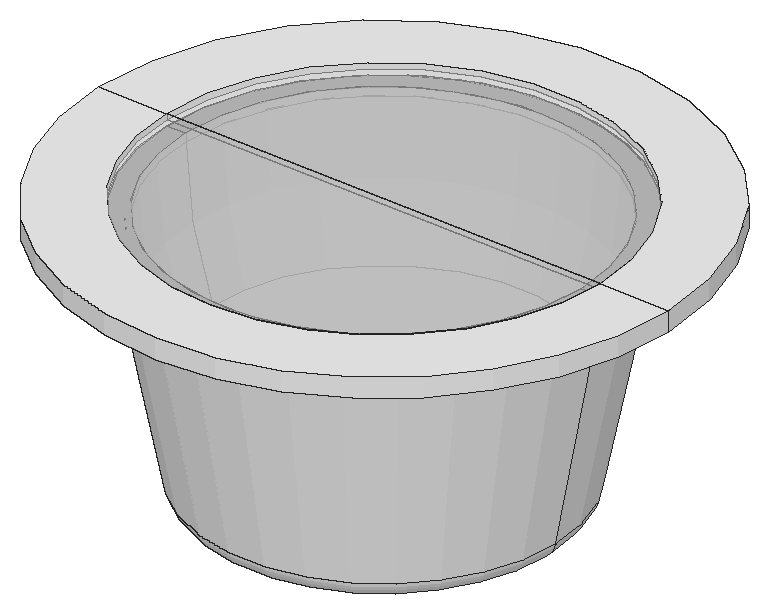
Revit family "2060576+2028036 Sylvania Lighting Fixture ASCENT 100 II ARCH 3700 4K STD EMG 160 with IP44 Frost Glass", category Lighting Fixtures, host Face, Revit 2016
Family settings
  Host = Face
  Part Type = Normal
  Round Connector Dimension = Use Diameter
  OmniClass Number = 23.80.70.11.17
  OmniClass Title = Specialized Lighting by Location or Use
  Cut with Voids When Loaded = No
  Light Source = Yes
  Shared = No
  Room Calculation Point = No
Parameters (values of type "2060576+2028036 ASCT100 II ARCH 3700 4K STD EMG 160 with IP44 Frost Glass Emergency mode")
  WidthBezelAcc_SYL = 25.0 mm
  Weight = "1.92 kg"
  Wattage = 1.61017 W
  WarrantyStartDate [instance] = "n/a"
  WarrantyGuarantorParts = "n/a"
  WarrantyDurationUnit = "n/a"
  WarrantyDurationParts = "n/a"
  WarrantyDescription = "n/a"
  built-in parameter 1150110 = 1 (stored number, unit not read)
  Voltage = 0 V
  VisibilityAccessory_SYL = yes
  TypeName = "ASCT100 II ARCH 3700 4K STD EMG 160 with IP44 Frost Glass Emergency mode"
  built-in parameter 1114217 = 1 (stored number, unit not read)
  Tilt Angle = -90°
  built-in parameter 1150109 = 1 (stored number, unit not read)
  built-in parameter 1150134 = 12
  built-in parameter 1150113 = 1 (stored number, unit not read)
  SerialNumber [instance] = "n/a"
  ReflectorRadius_SYL = Radius_SYL - 14.5 mm  # 80.0 mm
  RadiusAcc_SYL = 105.0 mm
  Radius_SYL = 94.5 mm
  URL = "http://www.sylvania-lighting.com"
  PowerFactor = 0
  PowerConsumption = "32 W"
  Photometric Web File = "2060576EM.ies"
  NominalWidth = 0.0 mm
  NominalLength = 0.0 mm
  NominalHeight = 94.0 mm
  Name = "ASCT100 II ARCH 3700 4K STD EMG 160 with IP44 Frost Glass Emergency mode"
  ModelReference = "ASCT100 II ARCH 3700 4K STD EMG 160 with IP44 Frost Glass Emergency mode"
  ModelNumber = "2060576+2028036"
  Material_4_SYL = none
  Material_3_SYL = Polycarbonate_Sylvania_Ascent_Clear
  Material_2_SYL = Aluminium_Sylvania_Ascent_Silver
  Material_1_SYL = Aluminum_Sylvania_Ascent_White
  Material = "aluminium housing, arcylic diffuser"
  ManufacturerName = "Feilo Sylvania"
  LuminousEfficacy = "118 lm/W"
  built-in parameter 1150105 = 15.12 (stored number, unit not read)
  Lumens = 190 lm
  LuminaireType = ""
  built-in parameter 1150115 = 1 (stored number, unit not read)
  LightOutputRatio = "100"
  built-in parameter 1150137 = (empty or 0)
  built-in parameter 1150139 = (empty or 0)
  LampsType = Lamp  # "LED"
  LampNominalLuminous = "3766 lm"
  LampMacAdamStep = "3"
  LampColourTemperature = "4000 K"
  LampColourRenderingIndex = "80"
  built-in parameter 1150112 = 1 (stored number, unit not read)
  built-in parameter 1150114 = 1 (stored number, unit not read)
  Keynote = "16500"
  InstallationDate [instance] = "n/a"
  InputVoltage = "n/a"
  InputNominalFrequency = "n/a"
  built-in parameter 1150132 = (empty or 0)
  built-in parameter 1150102 = (empty or 0)
  built-in parameter 1150107 = 4000 (stored number, unit not read)
  built-in parameter 1150138 = (empty or 0)
  IngressProtection = "IP44"
  ImpactProtectionIndex = "IK02"
  built-in parameter 1150106 = 0.1512 (stored number, unit not read)
  IfcExportType = "IfcLightFixtureType"
  IfcExportAs = "IfcLightFixtureType"
  Height_SYL = 94.0 mm
  HeightAcc_SYL = 7.0 mm
  ExpectedLife = 50000
  EmittionSurface_SYL = if(VisibilityAccessory_SYL, 7.0 mm, 3.0 mm)  # 7.0 mm
  Emit from Circle Diameter = DiffuserRadius_SYL * 2  # 146.0 mm
  Emit Shape Visible in Rendering = no
  ElectricShockClassification = "Class II"
  built-in parameter 1150104 = 10.963 (stored number, unit not read)
  DurationUnit = "hours"
  DocumentationLiterature = "http://www.sylvania-lighting.com/product/en-int/products/2060576"
  DimmingControlOptions = "n/a"
  Dimming Lamp Color Temperature Shift = <None>
  DiffuserRadius_SYL = ReflectorRadius_SYL - 7.0 mm  # 73.0 mm
  Diameter_SYL = 2 * Radius_SYL  # 189.0 mm
  CutoutDiameter_SYL = Diameter_SYL - 13.0 mm  # 176.0 mm
  CreatedOn = "9/17/2018"
  CreatedBy = "@sylvania-lighting.com"
  Color Filter = 16777215
  built-in parameter 1114216 [instance] = 1 (stored number, unit not read)
  Model = "ASCT100 II ARCH 3700 4K STD EMG 160 with IP44 Frost Glass Emergency mode"
  Manufacturer = "Feilo Sylvania"
  Lamp = "LED"
  Description = "Direct LED retro fit for original LED 100 Arch (160) single CFL lamp offering Matching lumen levels and improved light distribution of original LED 100 CFL lamp equivalents Typically half the power consumption compared to CFL Up to 112lm/W 160mm aperture Architectural reflector accepts range of glass accessories from existing LED 100 Arch 160 offering HE, HO and VHO versions equivalent of single 1 x 18W, 1 x 32W, 1 x 42W\r\n Additional VVHO versions which offer the performance circa 2 x 32W equivalent"  # constant formula
  Default Elevation = 0.0 mm
  built-in parameter 1140040 [instance] = 1
  BarCode [instance] = "n/a"
  built-in parameter 1114218 = 1 (stored number, unit not read)
  built-in parameter 1150133 = 10 (stored number, unit not read)
  AssetType = "Fixed"
  AssetIdentifier [instance] = "n/a"
  Assembly Code = "D5020200"
  Apparent Load = 1.61017 VA
  Aperture_SYL = 2 * ReflectorRadius_SYL  # 160.0 mm
Types (2, lengths in mm): name | Wattage | TypeName | Photometric Web File | Name | ModelReference | Material_3_SYL | built-in parameter 1150105 | Lumens | built-in parameter 1150106 | Model | Apparent Load
  2060576+2028036 ASCT100 II ARCH 3700 4K STD EMG 160 with IP44 Frost Glass Emergency mode | 1.61017 W | "ASCT100 II ARCH 3700 4K STD EMG 160 with IP44 Frost Glass Emergency mode" | "2060576EM.ies" | "ASCT100 II ARCH 3700 4K STD EMG 160 with IP44 Frost Glass Emergency mode" | "ASCT100 II ARCH 3700 4K STD EMG 160 with IP44 Frost Glass Emergency mode" | Polycarbonate_Sylvania_Ascent_Clear | 15.12 (stored number, unit not read) | 190 lm | 0.1512 (stored number, unit not read) | "ASCT100 II ARCH 3700 4K STD EMG 160 with IP44 Frost Glass Emergency mode" | 1.61017 VA
  2060576+2028036 ASCT100 II ARCH 3700 4K STD EMG 160 with IP44 Frost Glass | 32 W | "ASCENT 100 II ARCH 3700 4K STD EMG 160 with IP44 Frost Glass" | "2060576.ies" | "ASCENT 100 II ARCH 3700 4K STD EMG 160 with IP44 Frost Glass" | "ASCENT 100 II ARCH 3700 4K STD EMG 160 with IP44 Frost Glass" | Polycarbonate_Sylvania_Ascent_Opal | 300.48 (stored number, unit not read) | 3776 lm | 3.0048 (stored number, unit not read) | "ASCENT 100 II ARCH 3700 4K STD EMG 160 with IP44 Frost Glass" | 32 VA
Reference planes
  plane 1 "Center (Front/Back)": y = 0
  plane 2: z = 0
  plane 3 "Center (Left/Right)": x = 0
  plane 4 "Fixture Bottom": z = 3
  plane 5: z = -52.5
  plane 6 "Fixture Top": z = -91
  plane 7: x = -105
  plane 8: z = 7
  plane 9: x = -80
  plane 10: z = 5
  plane 11: x = -103
Forms (mm)
  Extrusion 1, solid, material "Aluminum_Sylvania_Ascent_White", detail levels fine
    sketch origin (0, 0, 0) x (1, 0, 0) y (0, 1, 0)
      loop
        circle (0, 0) r 94.5
      loop
        circle (0, 0) r 80
    from 0 to 3
  Extrusion 2, void
    sketch origin (0, 0, 0) x (1, 0, 0) y (0, 1, 0)
      loop
        circle (0, 0) r 88
    from -91 to 3
  Revolve 3, solid, material "Aluminum_Sylvania_Ascent_White" <- "Material_1_SYL", detail levels fine
    sketch origin (0, 0, 0) x (1, 0, 0) y (0, 0, 1)
      loop
        line (0, -91.073) -> (0, -89.023) -> (-55.468, -89.014)
        arc (-55.468, -89.014) -> (-59.352, -87.613) -> (-61.54, -84.139) r 6.307
        line (-61.54, -84.139) -> (-77.991, -2.844) -> (-77.991, 0) -> (-80, 0) -> (-80, -3) -> (-63.5, -84.536)
        arc (-63.5, -84.536) -> (-60.643, -89.203) -> (-55.5, -91.073) r 8.291
        line (-55.5, -91.073) -> (0, -91.073)
      axis (0, 0) -> (0, -91.073)
    angle from 0 to 360
  Revolve 4, solid, material "Aluminium_Sylvania_Ascent_Silver" <- "Material_2_SYL", detail levels fine
    sketch origin (0, 0, 0) x (1, 0, 0) y (0, 0, 1)
      loop
        line (-80, 3) -> (-80, 0) -> (-75, 0)
        arc (-75, 0) -> (-72.349, -26.77) -> (-64.5, -52.5) r 136.5
        line (-64.5, -52.5) -> (-58, -52.5)
        arc (-58, -52.5) -> (-56.857, -61.521) -> (-53.5, -69.971) r 36.166
        line (-53.5, -69.971) -> (0, -69.971) -> (0, -50.5) -> (-63.16, -50.5)
        arc (-63.16, -50.5) -> (-70.517, -25.725) -> (-73, 0) r 134.5
        line (-73, 0) -> (-73, 3) -> (-80, 3)
      axis (0, 3) -> (0, -69.971)
    angle from 0 to 360
  Extrusion 5, solid, material "Polycarbonate_Sylvania_Ascent_Clear" <- "Material_3_SYL", detail levels fine
    sketch origin (0, 0, 0) x (1, 0, 0) y (0, 1, 0)
      loop
        circle (0, 0) r 73
    from 0 to 3
  Revolve 6, solid, material "Aluminum_Sylvania_Ascent_White" <- "Material_1_SYL", detail levels coarse+medium
    sketch origin (0, 0, 0) x (1, 0, 0) y (0, 0, 1)
      loop
        line (0, -91.073) -> (0, 3) -> (-94.5, 3) -> (-94.5, 0) -> (-79.5, 0) -> (-79.5, -3) -> (-63, -84.536)
        arc (-63, -84.536) -> (-60.143, -89.203) -> (-55, -91.073) r 8.291
        line (-55, -91.073) -> (0, -91.073)
      axis (0, 3) -> (0, -91.073)
    angle from 0 to 360
  Revolve 7, solid, material "Aluminum_Sylvania_Ascent_White" <- "Material_1_SYL", visible <- "VisibilityAccessory_SYL"
    sketch origin (0, 0, 0) x (1, 0, 0) y (0, 0, 1)
      loop
        line (-105, 0) -> (-103, 0) -> (-103, 5) -> (-80, 5) -> (-80, 7) -> (-105, 7) -> (-105, 0)
      axis (0, 7) -> (0, 0)
    angle from 0 to 360
  Revolve 8, solid, material "Polycarbonate_Sylvania_Ascent_Clear" <- "Material_3_SYL", visible <- "VisibilityAccessory_SYL"
    sketch origin (0, 0, 0) x (1, 0, 0) y (0, 0, 1)
      loop
        line (-80, 7) -> (-80, 5) -> (0, 5) -> (0, 7) -> (-80, 7)
      axis (0, 7) -> (0, 5)
    angle from 0 to 360
Lines and regions (mm)
  reference lines
    curve 1: line (-150, 0, 7) -> (125, 0, 7)
Dimensions and locks
  locked: plane 4 "Fixture Bottom" to plane 2 at 3
  "Height_SYL": plane 4 "Fixture Bottom" to plane 6 "Fixture Top"
  "ReflectorRadius_SYL": plane 3 "Center (Left/Right)" to Revolve 4 sketch curve
  locked: Revolve 4 sketch curve to Revolve 4 sketch curve at 15.5
  locked: Revolve 4 sketch curve to Revolve 4 sketch curve at 5
  locked: Revolve 4 sketch curve to Revolve 4 sketch curve at 7
  locked: Revolve 4 sketch curve to Revolve 4 sketch curve at 22
  locked: Revolve 4 sketch curve to Revolve 4 sketch curve at 26.5
  locked: Revolve 3 sketch curve to Revolve 3 sketch curve at 16.5
  locked: Revolve 3 sketch curve to Revolve 3 sketch curve at 24.5
  "ReflectorRadius_SYL": Revolve 3 sketch curve to plane 3 "Center (Left/Right)"
  locked: Revolve 3 sketch curve to plane 6 "Fixture Top" at 6.464
  locked: plane 2 to Revolve 3 sketch curve at 3
  locked: Revolve 3 sketch curve to Revolve 3 sketch curve at 2
  locked: Revolve 3 sketch curve to Revolve 3 sketch curve at 2.009
  locked: plane 2 to plane 5 at 52.5
  locked: Revolve 6 sketch curve to Revolve 6 sketch curve at 31.5
  locked: Revolve 6 sketch curve to Revolve 6 sketch curve at 39.5
  locked: Revolve 6 sketch curve to Revolve 6 sketch curve at 15
  "Radius_SYL": plane 3 "Center (Left/Right)" to Revolve 6 sketch curve
  "RadiusAcc_SYL": plane 3 "Center (Left/Right)" to plane 7
  "HeightAcc_SYL": plane 8 to level
  "WidthBezelAcc_SYL": plane 7 to plane 9
  locked: plane 7 to plane 11 at 2
  locked: plane 8 to plane 10 at 2
  "EmittionSurface_SYL": curve 1 to level
  "CutoutDiameter_SYL": diameter of Extrusion 2 sketch curve
  "ReflectorRadius_SYL": radius of Extrusion 1 sketch curve
  "DiffuserRadius_SYL": radius of Extrusion 5 sketch curve
  "Radius_SYL": radius of Extrusion 1 sketch curve
  aligned and locked: host face to plane 2
  aligned and locked: host face to level
  aligned and locked: plane 4 "Fixture Bottom" to Extrusion 1
  aligned and locked: Extrusion 1 to plane 2
  aligned and locked: Revolve 3 sketch curve to plane 3 "Center (Left/Right)"
  aligned and locked: Revolve 4 sketch curve to plane 3 "Center (Left/Right)"  (x2)
  aligned and locked: plane 4 "Fixture Bottom" to Revolve 4 sketch curve
  aligned and locked: Extrusion 5 to plane 2
  aligned and locked: plane 2 to Revolve 3 sketch curve  (x2)
  aligned and locked: Revolve 6 sketch curve to plane 3 "Center (Left/Right)"
  aligned and locked: plane 6 "Fixture Top" to Extrusion 2
  aligned and locked: Revolve 7 sketch curve to plane 3 "Center (Left/Right)"
  aligned and locked: host face to Revolve 7 sketch curve  (x2)
  aligned and locked: Revolve 7 sketch curve to plane 7
  aligned and locked: plane 8 to Revolve 7 sketch curve
  aligned and locked: plane 9 to Revolve 7 sketch curve
  aligned and locked: Revolve 7 sketch curve to plane 10
  aligned and locked: plane 11 to Revolve 7 sketch curve
  aligned and locked: Revolve 7 to Revolve 8 sketch curve
  aligned and locked: Revolve 8 sketch curve to Revolve 7  (x2)
  aligned and locked: Revolve 8 sketch curve to plane 3 "Center (Left/Right)"  (x2)
  aligned and locked: plane 3 "Center (Left/Right)" to imposter light
  aligned and locked: imposter light to plane 1 "Center (Front/Back)"
  aligned and locked: imposter light to curve 1
Automatic sketch dimensions
  plane 1 "Center (Front/Back)" to Extrusion 2 sketch curve = 0.0 mm
  Extrusion 2 sketch curve to plane 3 "Center (Left/Right)" = 0.0 mm
  Extrusion 1 sketch curve to Extrusion 1 sketch curve = 0.0 mm  (x2)
  plane 1 "Center (Front/Back)" to Extrusion 1 sketch curve = 0.0 mm
  Extrusion 1 sketch curve to plane 3 "Center (Left/Right)" = 0.0 mm
  plane 6 "Fixture Top" to Revolve 3 sketch curve = 0.073 mm
  Revolve 3 sketch curve to plane 6 "Fixture Top" = 6.861 mm
  Revolve 3 sketch curve to Revolve 3 sketch curve = 0.003 mm
  Revolve 3 sketch curve to Revolve 3 sketch curve = 0.009 mm  (x2)
  Revolve 3 sketch curve to Revolve 3 sketch curve = 0.023 mm
  Revolve 3 sketch curve to Revolve 3 sketch curve = 0.072 mm
  Revolve 3 sketch curve to Revolve 3 sketch curve = 0.008 mm
  Revolve 3 sketch curve to plane 6 "Fixture Top" = 1.977 mm
  Revolve 3 sketch curve to Revolve 3 sketch curve = 33.496 mm
  Revolve 3 sketch curve to Revolve 3 sketch curve = 0.028 mm
  plane 4 "Fixture Bottom" to Revolve 3 sketch curve = 82.431 mm
  Revolve 4 sketch curve to Revolve 4 sketch curve = 0.0 mm  (x2)
  Revolve 4 sketch curve to plane 5 = 0.0 mm
  Revolve 4 sketch curve to level = 0.0 mm
  plane 5 to Revolve 4 sketch curve = 2.0 mm
  plane 4 "Fixture Bottom" to Revolve 4 sketch curve = 9.642 mm
  plane 1 "Center (Front/Back)" to Extrusion 5 sketch curve = 0.0 mm
  Extrusion 5 sketch curve to plane 3 "Center (Left/Right)" = 0.0 mm
  Revolve 4 sketch curve to level = 69.971 mm
  Revolve 4 sketch curve to Revolve 4 sketch curve = 2.387 mm
  Revolve 6 sketch curve to level = 0.0 mm
  Revolve 6 sketch curve to plane 3 "Center (Left/Right)" = 0.0 mm
  Revolve 6 sketch curve to Revolve 6 sketch curve = 8.104 mm
  Revolve 6 sketch curve to level = 3.0 mm
  Revolve 6 sketch curve to plane 6 "Fixture Top" = 6.464 mm
  plane 6 "Fixture Top" to Revolve 6 sketch curve = 0.073 mm
  Revolve 6 sketch curve to Revolve 6 sketch curve = 33.496 mm
  plane 4 "Fixture Bottom" to Revolve 6 sketch curve = 82.431 mm
  host sketch curve to host sketch curve = 1704.996 mm
  host sketch curve to host sketch curve = 1500.0 mm
  plane 6 "Fixture Top" to Revolve 7 sketch curve = 281.274 mm
  Revolve 7 sketch curve to plane 8 = 1140.706 mm
  plane 6 "Fixture Top" to Revolve 8 sketch curve = 281.274 mm
  Revolve 8 sketch curve to Revolve 8 sketch curve = 1140.706 mm
  Revolve 3 sketch curve to plane 3 "Center (Left/Right)" = 0.0 mm
  Revolve 6 sketch curve to plane 4 "Fixture Bottom" = 0.0 mm
  plane 7 to curve 1 = 45.0 mm
  plane 3 "Center (Left/Right)" to curve 1 = 125.0 mm
Connectors
  electrical at (0, 0, -91.073), driven by "Apparent Load"
    settings: on Revolve 3, index 1, voltage 240 V, apparent load 0 VA, apparent load phase1 1.61017 VA, apparent load phase2 0 VA, apparent load phase3 0 VA, power factor 1, load classification "Lighting", number of poles 1, system type 31, power factor state 1, is connector primary yes, connector utility no, sub classification motor no, connector description ""
